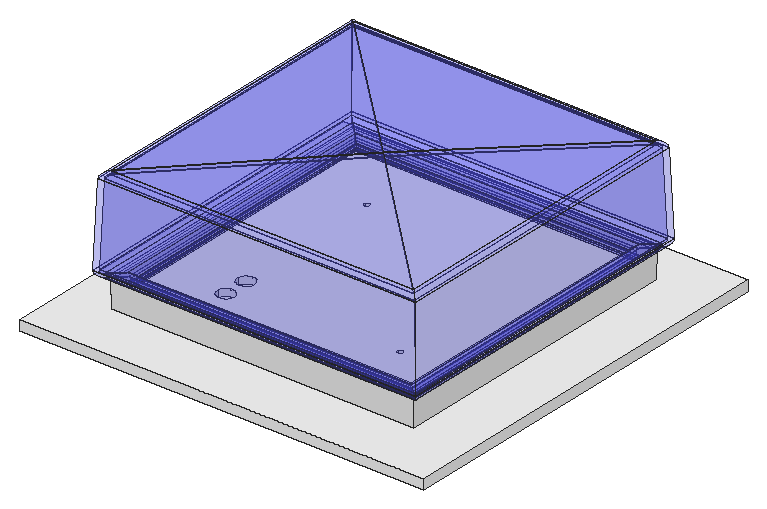
Revit family "BE_12149_de_DE", category Leuchten, Revit 2015
Parameters (values of type "BEGA_12149_K4")
  built-in parameter 1150104 = 11.668 (stored number, unit not read)
  Wattage = 33.6 W
  Default Elevation = 0 mm
  built-in parameter 1150113 = 1 (stored number, unit not read)
  built-in parameter 1114218 = 1 (stored number, unit not read)
  Umgebungstemperatur = ""
  URL = "http://www.bega.de/produkt/12149"
  Typenkommentare = "© 2017 BEGA. Wir behalten uns das Recht vor, technische Änderungen ohne vorherige Ankündigung vorzunehmen."  # constant formula
  built-in parameter 1150134 = 12
  built-in parameter 1150109 = 1 (stored number, unit not read)
  Strom = ""
  built-in parameter 1150110 = 1 (stored number, unit not read)
  Spannung = 239.996 V
  Sonderanfertigung = no
  Seriennummer [instance] = "Hier können Sie die eindeutige Seriennummer für das Facility Management eintragen."
  Schutzklasse = "I"
  Schutzart = "IP 44"
  Scheinlast = 0 VA
  Produktdatenblatt = "http://www.bega.de/download/Xrfa/db/12149.db.de.pdf"
  Oberflächentemperatur = ""
  Neigungswinkel = 0.00°
  Modell = "12149K4"
  Material_17 = BEGA_Reflektor
  Material_15 = BEGA_Leuchtmedium_matt
  Material_11 = BEGA_Glas_opal
  Material_09 = BEGA_Glas_klar
  Material_06 = BEGA_Oberfläche_Edelstahl_gebürstet
  Material_05 = BEGA_Oberfläche_Aluminium Guss
  Material_03 = BEGA_Oberfläche_Weiss_matt
  Material_02 = BEGA_Oberfläche_Silber_matt
  Material_01 [instance] = BEGA_Oberfläche_Grafit_matt
  M_W = no
  M_G = no
  M_A = no
  Logo = 0
  built-in parameter 1114217 = 1 (stored number, unit not read)
  built-in parameter 1150139 = (empty or 0)
  built-in parameter 1150105 = 925.07 (stored number, unit not read)
  built-in parameter 1150114 = 1 (stored number, unit not read)
  Lumens = 4219.82 lm
  built-in parameter 1150115 = 1 (stored number, unit not read)
  Leuchtenlichtstrom = "2721 lm"
  Leuchtenanzahl = ""
  Lebensdauerkriterien = "L70B50 @ 25 °C = 260000 h"
  Lastklassifizierung = Beleuchtung
  built-in parameter 1150112 = 1 (stored number, unit not read)
  Lampenlichtstrom = "4220 lm"
  Lampe = "LED 33.6 W"
  LED_Modulbezeichnung = "4x LED-0262/840 "
  Hersteller = "BEGA"  # constant formula
  Halbstreuwinkel = ""
  Gewicht = "4.0 kg"
  Gebrauchslageneinschränkung [instance] = ""
  Frequenz = "0/50-60 Hz"
  Farbwiedergabeindex = "Ra > 80"
  Farbtemperaturverschiebung bei Dämpfen der Lampe = <Keine Auswahl>
  Farbtemperatur = "4000 K"
  Color Filter = 16777215
  built-in parameter 1150133 = 10 (stored number, unit not read)
  Energieeffizienzklasse = "LED A++ - A"
  built-in parameter 1150137 = (empty or 0)
  built-in parameter 1150132 = (empty or 0)
  ENEC = ""
  Dimmbar [instance] = "DALI"
  Datei für fotometrisches Netz = "BE_12149K4.IES"
  CE_Konformität = "ja"
  Bestellnummer = "12149K4"
  Beschreibung_Sonderanfertigung = "Hier können Sie Informationen zur Sonderanfertigung eintragen."
  Beschreibung = "Decken- und Wandleuchte"
  built-in parameter 1150106 = 9.2507 (stored number, unit not read)
  Befestigungsbohrung = "Ø 5,5 mm"
  Befestigungsabstand = "165 x 165 mm"
  Ballwurfsicher = ""
  BEGA_Intern_aus = yes
  BEGA_Intern_an = yes
  BEGA_Intern_Konstruktion = yes
  BEGA_Intern = yes
  BEGA_IES = yes
  BEGA_Dummy = no
  Anschlussleitung = ""
  Anschlussleistung [instance] = "39.5 W"
  Anschlusskasten = ""
  built-in parameter 1150107 = 4000 (stored number, unit not read)
  built-in parameter 1150102 = (empty or 0)
  built-in parameter 1150138 = (empty or 0)
  Aktualisierung = "2017-06-20T04:08:24"
  Abstand_zur_angestrahlten_Fläche [instance] = ""
  AC/DC = "AC/DC"
Types (2, lengths in mm): name | built-in parameter 1150104 | built-in parameter 1150134 | Modell | built-in parameter 1150105 | Lumens | Leuchtenlichtstrom | Lampenlichtstrom | LED_Modulbezeichnung | Farbtemperatur | Datei für fotometrisches Netz | Bestellnummer | built-in parameter 1150106 | built-in parameter 1150107
  BEGA_12149_K4 | 11.668 (stored number, unit not read) | 12 | "12149K4" | 925.07 (stored number, unit not read) | 4219.82 lm | "2721 lm" | "4220 lm" | "4x LED-0262/840 " | "4000 K" | "BE_12149K4.IES" | "12149K4" | 9.2507 (stored number, unit not read) | 4000 (stored number, unit not read)
  BEGA_12149_K3 | 10.894 (stored number, unit not read) | (empty or 0) | "12149" | 863.65 (stored number, unit not read) | 3939.94 lm | "2541 lm" | "3940 lm" | "4x LED-0262/830 " | "3000 K" | "BE_12149.IES" | "12149" | 8.6365 (stored number, unit not read) | 3000 (stored number, unit not read)
Reference planes
  plane 1 "Mitte (Vorne/Hinten)": y = 0
  plane 2: z = 0
  plane 3 "Mitte (Links/Rechts)": x = 0
  plane 4 "Links": x = -159.736
  plane 5 "Rechts": x = 159.736
  plane 6 "Unten": y = -159.851
  plane 7 "Oben": y = 159.851
  plane 8 "Vorne": z = 130.722
  plane 9 "Hinten": z = 0
Forms (mm)
  Extrusion 1, solid, material "BEGA_Platte_Weiss"
    sketch origin (0, -1119.2, 0) x (1, 0, 0) y (0, 1, 0)
      loop
        line (-200, 1319.2) -> (-200, 919.2) -> (200, 919.2) -> (200, 1319.2) -> (-200, 1319.2)
    from 0 to -10
  Extrusion 2, solid, material "BEGA_Dummy_matt", visible <- "BEGA_Dummy"
    sketch origin (80.095, -76.023, 0) x (1, 0, 0) y (0, 1, 0)
      loop
        line (-239.831, 235.874) -> (-239.831, -83.828) -> (79.64, -83.828) -> (79.64, 235.874) -> (-239.831, 235.874)
    from 0 to 130.722
Dimensions and locks
  plane 1 "Mitte (Vorne/Hinten)" to Extrusion 1 = 200 mm
  aligned and locked: plane 2 to Extrusion 1
  aligned and locked: level to Extrusion 1
Nested families
  nested 1: "BE_12149" at (0, 0, 0), type "BE_12149"
Connectors
  electrical at (0, 0, 0), driven by "Lastklassifizierung", driven by "Spannung", driven by "Scheinlast"
    settings: index 1, voltage 239.996 V, apparent load 0 VA, apparent load phase1 0 VA, apparent load phase2 0 VA, apparent load phase3 0 VA, power factor 1, load classification "Beleuchtung", number of poles 1, system type 31, power factor state 1, is connector primary yes, connector utility no, sub classification motor no, connector description ""
Definition of nested family "BE_12149"
  Parameters (values of type "BE_12149")
    Default Elevation = 1 mm
    URL = "http://www.bega.de/de/produkt"
    Type Comments = "© 2015 BEGA. Wir behalten uns das Recht vor, technische Änderungen ohne vorherige Ankündigung vorzunehmen. "  # constant formula
    Type Image = (empty or 0)
    Neigungswinkel_um_Z2 = 0.00°
    Neigungswinkel_um_Z1 = 0.00°
    Neigungswinkel_um_Y2 = 0.00°
    Neigungswinkel_um_Y1 = 0.00°
    Neigungswinkel_um_X2 = 0.00°
    Neigungswinkel_um_X1 = 0.00°
    Material_17 = none
    Material_15 = none
    Material_11 = none
    Material_09 = none
    Material_06 = none
    Material_05 = none
    Material_03 = none
    Material_02 = none
    Material_01 = none
    M_W = yes
    M_G = yes
    M_A = yes
    Länge_Platte = 500 mm  # constant formula
    Höhe_Platte = -10 mm  # constant formula
    Manufacturer = "BEGA"  # constant formula
    Drehwinkel_um_Z2 = 0.00°
    Drehwinkel_um_Z1 = 0.00°
    Breite_Platte = 500 mm  # constant formula
  Reference planes
    plane 1 "Mitte (Oben/Unten)": y = 0
    plane 2: z = 0
    plane 3 "Mitte (Links/Rechts)": x = 0
    plane 4: x = -159.736
    plane 5: z = 130.722
    plane 6: x = 159.736
    plane 7: y = -159.851
    plane 8: y = 159.851
  Forms (mm)
    Extrusion 1, solid, detail levels medium
      sketch origin (0, 0, 0) x (1, 0, 0) y (0, 1, 0)
        loop
          line (-250, 250) -> (-250, -250) -> (250, -250) -> (250, 250) -> (-250, 250)
      from 0 to -10 <- "Höhe_Platte"
    Sweep 2, solid, material <- "Material_03", detail levels medium+fine
      path origin (0, 0, 0) x (1, 0, 0) y (0, 1, 0)
        loop
          line (-156.911, 156.911) -> (-156.911, -156.918) -> (156.918, -156.918) -> (156.918, 156.911) -> (-156.911, 156.911)
      profile origin (-156.911, -0.004, 0) x (1, 0, 0) y (0, 0, 1)
        loop
          line (9.245, 12.5) -> (156.911, 12.5) -> (156.911, 19) -> (9.346, 19) -> (9.111, 32.5) -> (5.911, 32.5) -> (5.937, 31) -> (6.911, 31) -> (7.364, 5) -> (9.114, 5) -> (9.245, 12.5)
    Sweep 3, solid, material <- "Material_11", detail levels medium+fine
      path origin (0, 0, 0) x (1, 0, 0) y (0, 1, 0)
        loop
          line (-150.991, 150.991) -> (-150.991, -150.999) -> (150.999, -150.999) -> (150.999, 150.991) -> (-150.991, 150.991)
      profile origin (-150.991, -0.004, 0) x (1, 0, 0) y (0, 0, 1)
        loop
          line (150.991, 127.193) -> (150.991, 130.695)
          arc (150.991, 130.695) -> (75.873, 130.189) -> (0.786, 127.955) r 3265.573
          arc (0.786, 127.955) -> (-3.885, 125.874) -> (-5.92, 121.193) r 7
          line (-5.92, 121.193) -> (-8.745, 40.287)
          arc (-8.745, 40.287) -> (-6.845, 35.233) -> (-1.913, 33.034) r 7
          line (-1.913, 33.034) -> (10.719, 32.722)
          arc (10.719, 32.722) -> (11.454, 32.267) -> (11.741, 31.452) r 1.3
          line (11.741, 31.452) -> (11.741, 27.72)
          arc (11.741, 27.72) -> (11.472, 26.928) -> (10.777, 26.464) r 1.3
          line (10.777, 26.464) -> (7.991, 25.641) -> (7.991, 20.722) -> (11.491, 20.722) -> (11.491, 23.036)
          arc (11.491, 23.036) -> (14.188, 24.72) -> (15.241, 27.72) r 4.8
          line (15.241, 27.72) -> (15.241, 31.452)
          arc (15.241, 31.452) -> (13.874, 34.806) -> (10.553, 36.251) r 4.8
          line (10.553, 36.251) -> (-2.046, 36.545)
          arc (-2.046, 36.545) -> (-4.37, 37.712) -> (-5.247, 40.159) r 3.5
          line (-5.247, 40.159) -> (-2.423, 121.049)
          arc (-2.423, 121.049) -> (-1.41, 123.399) -> (0.931, 124.432) r 3.5
          arc (0.931, 124.432) -> (75.945, 126.692) -> (150.991, 127.193) r 3249.669
    Extrusion 4, void
      sketch origin (0, 0, 0) x (1, 0, 0) y (0, 1, 0)
        loop
          circle (-79.996, -70.004) r 8.53
        loop
          circle (-79.996, -95.004) r 8.53
        loop
          circle (-82.496, 82.496) r 2.75
        loop
          circle (82.504, -82.504) r 2.75
      from 0 to 23.036
    Revolve 5, solid, material <- "Material_03", detail levels medium+fine
      sketch origin (0, 129.296, 0) x (1, 0, 0) y (0, 0, -1)
        loop
          line (-124.8, -1.5) -> (-127.8, -1.5) -> (-129.3, 0) -> (-129.3, -13.74) -> (-123.987, -13.74) -> (-124.8, -1.5)
        axis (-129.3, -13.74) -> (-129.3, 0)
      angle from 0 to 360
    Revolve 6, solid, material <- "Material_03", detail levels medium+fine
      sketch origin (0, 129.296, 0) x (-1, 0, 0) y (0, 0, 1)
        loop
          line (-124.8, 1.5) -> (-123.987, 13.74) -> (-129.3, 13.74) -> (-129.3, 0) -> (-127.8, 1.5) -> (-124.8, 1.5)
        axis (-129.3, 13.74) -> (-129.3, 0)
      angle from 0 to 360
    Revolve 7, solid, material <- "Material_03", detail levels medium+fine
      sketch origin (0, -129.296, 0) x (1, 0, 0) y (0, 0, 1)
        loop
          line (-124.8, 1.5) -> (-123.987, 13.74) -> (-129.3, 13.74) -> (-129.3, 0) -> (-127.8, 1.5) -> (-124.8, 1.5)
        axis (-129.3, 13.74) -> (-129.3, 0)
      angle from 0 to 360
    Revolve 8, solid, material <- "Material_03", detail levels medium+fine
      sketch origin (0, -129.296, 0) x (-1, 0, 0) y (0, 0, -1)
        loop
          line (-124.8, -1.5) -> (-127.8, -1.5) -> (-129.3, 0) -> (-129.3, -13.74) -> (-123.987, -13.74) -> (-124.8, -1.5)
        axis (-129.3, -13.74) -> (-129.3, 0)
      angle from 0 to 360
  Cuts and joins
    Extrusion 4 cuts Sweep 2
    joined: Sweep 2, Revolve 5, Revolve 6, Revolve 7, Revolve 8
    Extrusion 4 cuts Sweep 3
  Dimensions and locks
    equal spacing: Extrusion 1 sketch curve, plane 3 "Mitte (Links/Rechts)", Extrusion 1 sketch curve
    equal spacing: Extrusion 1 sketch curve, plane 1 "Mitte (Oben/Unten)", Extrusion 1 sketch curve
    "Länge_Platte": Extrusion 1 sketch curve to Extrusion 1 sketch curve
    "Breite_Platte": Extrusion 1 sketch curve to Extrusion 1 sketch curve
    aligned and locked: Extrusion 1 to plane 2
    aligned and locked: Extrusion 1 to level
  Automatic sketch dimensions
    Sweep 2 sketch curve to profile plane = 5.911 mm
    Sweep 2 sketch curve to Sweep 2 sketch curve = 0.026 mm
    Sweep 2 sketch curve to Sweep 2 sketch curve = 0.974 mm
    Sweep 2 sketch curve to profile plane = 7.364 mm
    Sweep 2 sketch curve to Sweep 2 sketch curve = 2.2 mm
    Sweep 2 sketch curve to Sweep 2 sketch curve = 1.75 mm
    Sweep 2 sketch curve to Sweep 2 sketch curve = 0.131 mm
    Sweep 2 sketch curve to Sweep 2 sketch curve = 0.101 mm
    level to Sweep 2 sketch curve = 12.5 mm
    Sweep 2 sketch curve to Sweep 2 sketch curve = 147.665 mm
    level to Sweep 2 sketch curve = 5 mm
    Sweep 2 sketch curve to Sweep 2 sketch curve = 6.5 mm
    Sweep 2 sketch curve to Sweep 2 sketch curve = 12 mm
    Sweep 2 sketch curve to Sweep 2 sketch curve = 1.5 mm
    Sweep 3 sketch curve to Sweep 3 sketch curve = 0 mm  (x18)
    profile plane to Sweep 3 sketch curve = 8.745 mm
    profile plane to Sweep 3 sketch curve = 5.92 mm
    Sweep 3 sketch curve to Sweep 3 sketch curve = 3.498 mm
    profile plane to Sweep 3 sketch curve = 2.423 mm
    profile plane to Sweep 3 sketch curve = 2.046 mm
    profile plane to Sweep 3 sketch curve = 1.75 mm
    Sweep 3 sketch curve to profile plane = 1.076 mm
    Sweep 3 sketch curve to profile plane = 7.991 mm
    Sweep 3 sketch curve to Sweep 3 sketch curve = 2.45 mm
    Sweep 3 sketch curve to Sweep 3 sketch curve = 0.112 mm
    Sweep 3 sketch curve to Sweep 3 sketch curve = 0.278 mm
    Sweep 3 sketch curve to Sweep 3 sketch curve = 0.336 mm
    Sweep 3 sketch curve to Sweep 3 sketch curve = 3.5 mm
    Sweep 3 sketch curve to profile plane = 135.163 mm
    Sweep 3 sketch curve to Sweep 3 sketch curve = 0.27 mm
    Sweep 3 sketch curve to Sweep 3 sketch curve = 149.915 mm
    Sweep 3 sketch curve to level = 3134.841 mm
    Sweep 3 sketch curve to Sweep 3 sketch curve = 12.403 mm
    level to Sweep 3 sketch curve = 20.722 mm
    Sweep 3 sketch curve to Sweep 3 sketch curve = 2.314 mm
    Sweep 3 sketch curve to Sweep 3 sketch curve = 2.605 mm
    Sweep 3 sketch curve to Sweep 3 sketch curve = 0.823 mm
    Sweep 3 sketch curve to Sweep 3 sketch curve = 1.256 mm  (x2)
    Sweep 3 sketch curve to Sweep 3 sketch curve = 3.732 mm  (x2)
    Sweep 3 sketch curve to Sweep 3 sketch curve = 1.27 mm
    Sweep 3 sketch curve to Sweep 3 sketch curve = 3.529 mm
    Sweep 3 sketch curve to Sweep 3 sketch curve = 0.294 mm
    Sweep 3 sketch curve to Sweep 3 sketch curve = 3.487 mm
    Sweep 3 sketch curve to Sweep 3 sketch curve = 0.128 mm
    Sweep 3 sketch curve to Sweep 3 sketch curve = 80.903 mm
    Sweep 3 sketch curve to Sweep 3 sketch curve = 0.114 mm
    Sweep 3 sketch curve to Sweep 3 sketch curve = 0.143 mm
    level to Sweep 3 sketch curve = 127.193 mm
    Sweep 3 sketch curve to Sweep 3 sketch curve = 3.502 mm
    profile plane to Sweep 3 sketch curve = 1.913 mm
    Sweep 3 sketch curve to profile plane = 0.786 mm
    Sweep 3 sketch curve to Sweep 3 sketch curve = 0.001 mm  (x2)
    Sweep 3 sketch curve to profile plane = 0.93 mm
    Sweep 3 sketch curve to Sweep 3 sketch curve = 0.017 mm
    Extrusion 4 sketch curve to Extrusion 4 sketch curve = 0 mm
    Extrusion 4 sketch curve to Extrusion 4 sketch curve = 25 mm
    level to Revolve 5 sketch curve = 0 mm
    Revolve 5 sketch curve to Revolve 5 sketch curve = 1.5 mm
    level to Revolve 5 sketch curve = 1.5 mm
    Revolve 5 sketch curve to Revolve 5 sketch curve = 3 mm
    Revolve 5 sketch curve to Revolve 5 sketch curve = 5.313 mm
    Revolve 5 sketch curve to Revolve 5 sketch curve = 12.24 mm
    Revolve 5 sketch curve to Revolve 5 sketch curve = 0 mm
    Revolve 5 sketch curve to level = 0.244 mm
    Revolve 5 sketch curve to Revolve 5 sketch curve = 2.242 mm
    level to Revolve 6 sketch curve = 0 mm
    Revolve 6 sketch curve to Revolve 6 sketch curve = 1.5 mm
    level to Revolve 6 sketch curve = 1.5 mm
    Revolve 6 sketch curve to Revolve 6 sketch curve = 3 mm
    Revolve 6 sketch curve to Revolve 6 sketch curve = 5.313 mm
    Revolve 6 sketch curve to Revolve 6 sketch curve = 12.24 mm
    Revolve 6 sketch curve to Revolve 6 sketch curve = 0 mm
    Revolve 6 sketch curve to level = 0.244 mm
    Revolve 6 sketch curve to Revolve 6 sketch curve = 2.242 mm
    level to Revolve 7 sketch curve = 0 mm
    Revolve 7 sketch curve to Revolve 7 sketch curve = 1.5 mm
    level to Revolve 7 sketch curve = 1.5 mm
    Revolve 7 sketch curve to Revolve 7 sketch curve = 3 mm
    Revolve 7 sketch curve to Revolve 7 sketch curve = 5.313 mm
    Revolve 7 sketch curve to Revolve 7 sketch curve = 12.24 mm
    Revolve 7 sketch curve to Revolve 7 sketch curve = 0 mm
    Revolve 7 sketch curve to level = 0.244 mm
    Revolve 7 sketch curve to Revolve 7 sketch curve = 2.242 mm
    level to Revolve 8 sketch curve = 0 mm
    Revolve 8 sketch curve to Revolve 8 sketch curve = 1.5 mm
    level to Revolve 8 sketch curve = 1.5 mm
    Revolve 8 sketch curve to Revolve 8 sketch curve = 3 mm
    Revolve 8 sketch curve to Revolve 8 sketch curve = 5.313 mm
    Revolve 8 sketch curve to Revolve 8 sketch curve = 12.24 mm
    Revolve 8 sketch curve to Revolve 8 sketch curve = 0 mm
    Revolve 8 sketch curve to level = 0.244 mm
    Revolve 8 sketch curve to Revolve 8 sketch curve = 2.242 mm
    Sweep 2 sketch curve to plane 3 "Mitte (Links/Rechts)" = 156.911 mm
    Sweep 3 sketch curve to plane 3 "Mitte (Links/Rechts)" = 150.991 mm
    Extrusion 4 sketch curve to plane 3 "Mitte (Links/Rechts)" = 79.996 mm
    Extrusion 4 sketch curve to plane 3 "Mitte (Links/Rechts)" = 82.496 mm
    Revolve 5 sketch curve to plane 3 "Mitte (Links/Rechts)" = 129.3 mm
    Revolve 7 sketch curve to plane 3 "Mitte (Links/Rechts)" = 129.3 mm
    plane 3 "Mitte (Links/Rechts)" to Sweep 2 sketch curve = 156.918 mm
    plane 3 "Mitte (Links/Rechts)" to Sweep 3 sketch curve = 150.999 mm
    plane 3 "Mitte (Links/Rechts)" to Extrusion 4 sketch curve = 82.504 mm
    plane 3 "Mitte (Links/Rechts)" to Revolve 6 sketch curve = 129.3 mm
    plane 3 "Mitte (Links/Rechts)" to Revolve 8 sketch curve = 129.3 mm
    plane 1 "Mitte (Oben/Unten)" to Sweep 2 sketch curve = 156.918 mm
    plane 1 "Mitte (Oben/Unten)" to Sweep 3 sketch curve = 150.999 mm
    plane 1 "Mitte (Oben/Unten)" to Extrusion 4 sketch curve = 70.004 mm
    plane 1 "Mitte (Oben/Unten)" to Extrusion 4 sketch curve = 82.504 mm
    Sweep 2 sketch curve to plane 1 "Mitte (Oben/Unten)" = 156.911 mm
    Sweep 3 sketch curve to plane 1 "Mitte (Oben/Unten)" = 150.991 mm
    Extrusion 4 sketch curve to plane 1 "Mitte (Oben/Unten)" = 82.496 mm
    radius of Extrusion 4 sketch curve = 8.53 mm  (x2)
    radius of Extrusion 4 sketch curve = 2.75 mm  (x2)
